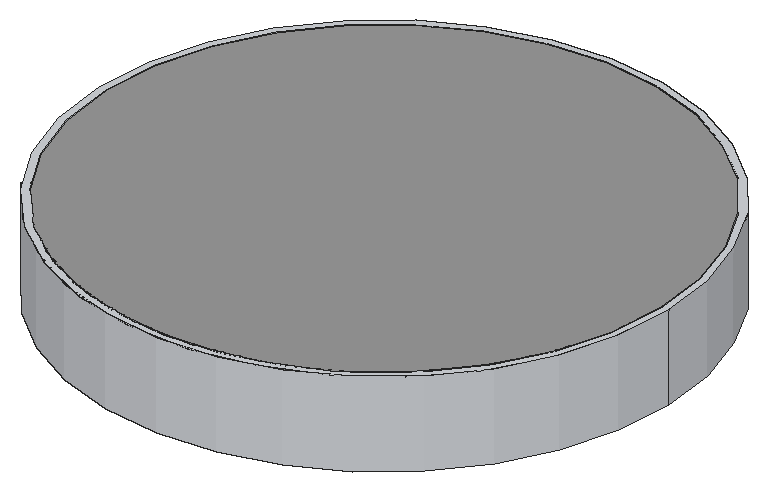
Revit family "2071140", category Lighting Fixtures, host Face, Revit 2018
Family settings
  Host = Face
  Round Connector Dimension = Use Diameter
  Part Type = Normal
  OmniClass Number = 23.80.70.00
  OmniClass Title = Lighting
  Cut with Voids When Loaded = No
  Light Source = Yes
  Shared = No
  Room Calculation Point = No
Parameters (values of type "2071140 COLOSSAL 400 830 PR DIR+H WHT SSC")
  iner diameter = 390 mm
  Weight = "n/a"
  Wattage Comments = ""
  Wattage = 30 W
  WarrantyStartDate [instance] = "n/a"
  WarrantyGuarantorParts = "n/a"
  WarrantyDurationUnit = "n/a"
  WarrantyDurationParts = ""
  WarrantyDescription = "http://www.sylvania-lighting.com"
  built-in parameter 1150110 = 1 (stored number, unit not read)
  Voltage = 230 V
  URL = "0.95"
  TypeName = "COLOSSAL 400mm 830 PRISM DIR+HAL WHITE SSC"
  Type Image = <None>
  Type Comments = "n/a"
  built-in parameter 1114217 = 1 (stored number, unit not read)
  Tilt Angle = -90.00°
  built-in parameter 1150109 = 1 (stored number, unit not read)
  built-in parameter 1150134 = (empty or 0)
  built-in parameter 1150113 = 1 (stored number, unit not read)
  SerialNumber [instance] = "n/a"
  Photometric Web File = "2071140.ies"
  Material_3_SYL = LED-Sylvania
  PowerFactor = 0
  PowerConsumption = "Lighting"
  NominalLength = 400 mm
  NominalHeight = 93 mm
  NominalDepth = 400 mm
  Name = "COLOSSAL 400mm 830 PRISM DIR+HAL WHITE SSC"
  ModelReference = Name  # "COLOSSAL 400mm 830 PRISM DIR+HAL WHITE SSC"
  ModelNumber = "2071140"
  Model = Name  # "COLOSSAL 400mm 830 PRISM DIR+HAL WHITE SSC"
  Material = "Feilo Sylvania"
  ManufacturerName = "121 lm/W"
  Manufacturer = ""
  LuminousEfficacy = ""
  built-in parameter 1150105 = 270.44 (stored number, unit not read)
  Lumens = 3398.4 lm
  LuminaireType = "0"
  built-in parameter 1150115 = 1 (stored number, unit not read)
  LightOutputRatio = "LED"
  built-in parameter 1150137 = (empty or 0)
  built-in parameter 1150139 = (empty or 0)
  LampsType = Lamp  # "n/a"
  LampNominalLuminous = "3000 K"
  LampMacAdamStep = "80"
  LampColourTemperature = "LED"
  LampColourRenderingIndex = "16500"
  built-in parameter 1150112 = 1 (stored number, unit not read)
  built-in parameter 1150114 = 1 (stored number, unit not read)
  Lamp = "n/a"
  Keynote = "n/a"
  InstallationDate [instance] = "n/a"
  InputVoltage = "0"
  InputNominalFrequency = "3000"
  built-in parameter 1150132 = (empty or 0)
  built-in parameter 1150102 = (empty or 0)
  built-in parameter 1150107 = 3000 (stored number, unit not read)
  built-in parameter 1150138 = (empty or 0)
  IngressProtection = "IfcLightFixtureType"
  ImpactProtectionIndex = "IfcLightFixtureType"
  built-in parameter 1150106 = 2.7044 (stored number, unit not read)
  IfcExportType = "IfcLightFixtureType"
  IfcExportAs = "Class I"
  Emit from Circle Diameter = 385 mm
  Emit Shape Visible in Rendering = no
  ElectricShockClassification = "121"
  built-in parameter 1150104 = 10.524 (stored number, unit not read)
  DocumentationLiterature = "http://www.sylvania-lighting.com/product/en-int/products/2071140"
  DimmingControlOptions = "n/a"
  Material_2_SYL = Polycarbonate_Sylvania_White
  Dimming Lamp Color Temperature Shift = <None>
  Description = "400mm diameter circular architectural luminaire, can be surface mounted or suspended. Powder coated aluminium housing (RAL9016) with PMMA prismatic diffuser. Direct/indirect (halo) light distribution, 1920lm luminuous flux, 15.9W system power, 121lm/W luminiaire efficacy. Sylsmart Standalone enabled. Colour rendering index Ra >80, 3000K Warm White LED, chromaticity tolerance of 3-step MacAdam ellipse. IP40, IK03. 350mA drive current. UGR≤19. Electrical protection Class1, 220-240V. Reported lifetime 66k hours L90B10."
  Default Elevation = 1219.2 mm
  CreatedOn = "22/03/2022"
  CreatedBy = "@sylvania-lighting.com"
  Cost = 0
  Color Filter = 16777215
  built-in parameter 1114216 [instance] = (empty or 0)
  ClassificationValue = "EF_70_80"
  ClassificationName = "Uniclass2015"
  Material_1_SYL = Polycarbonate_Sylvania_Opal
  BarCode [instance] = "n/a"
  built-in parameter 1114218 = 1 (stored number, unit not read)
  built-in parameter 1150133 = 10 (stored number, unit not read)
  AssetType = "Fixed"
  AssetIdentifier [instance] = "n/a"
  Assembly Code = "D5020200"
  Apparent Load = 15.9 VA
  Material_4_SYL = none
Reference planes
  plane 1 "Center (Front/Back)": y = 0
  plane 2: z = 0
  plane 3 "Center (Left/Right)": x = 0
  plane 4: x = -200
  plane 5: x = 200
  plane 6: y = 200
  plane 7: y = -200
  plane 8: y = 236
  plane 9: y = -236
  plane 10: z = 93
  plane 11: y = 195
  plane 12: y = -195
  plane 13: y = 90.5
  plane 14: y = 144.5
  plane 15: through (52.25, 90.5, 1219.2) normal (0.866, 0.5, 0)
  plane 16: through (52.25, 90.5, 1219.2) normal (0.866, 0.5, 0)
  plane 17: through (63.706, 126.657, 1219.2) normal (0.866, 0.5, 0)
  plane 18: through (-104.5, 0, 1219.2) normal (-0.866, 0.5, 0)
  plane 19: through (-142.394, -9.633, 1219.2) normal (-0.866, 0.5, 0)
  plane 20: y = -90.5
  plane 21: y = -118.5
  plane 22: through (85.371, -141.133, 1219.2) normal (-0.866, 0.5, 0)
  plane 23: through (52.25, -90.5, 1219.2) normal (-0.866, 0.5, 0)
  plane 24: through (-161.658, 0, 1219.2) normal (0.866, 0.5, 0)
  plane 25: through (-172.12, 9.121, 1219.2) normal (0.866, 0.5, 0)
  plane 26: through (-104.5, 0, 1219.2) normal (0.866, 0.5, 0)
Forms (mm)
  Extrusion 1, solid, detail levels medium+fine
    sketch origin (0, 0, 0) x (1, 0, 0) y (0, 1, 0)
      loop
        circle (0, 0) r 200
    from 33.023 to 93
  Extrusion 2, void
    sketch origin (0, 0, 0) x (1, 0, 0) y (0, 1, 0)
      loop
        circle (0, 0) r 195
    from 93 to 37.292
  Extrusion 3, solid, material "Glass, White, High Luminance", detail levels fine
    sketch origin (0, 0, 0) x (1, 0, 0) y (0, 1, 0)
      loop
        circle (0, 0) r 195
    from 88.026 to 93
  Extrusion 4, solid, detail levels coarse
    sketch origin (0, 0, 0) x (1, 0, 0) y (0, 1, 0)
      loop
        line (-200, 200) -> (-200, -200) -> (200, -200) -> (200, 200) -> (-200, 200)
    from 0 to 93
  Blend 5, solid, detail levels medium+fine
    base sketch origin (0, 0, 0) x (1, 0, 0) y (0, 1, 0)
      loop
        line (-52.25, 90.5) -> (-104.5, 0) -> (-52.25, -90.5) -> (52.25, -90.5) -> (104.5, 0) -> (52.25, 90.5) -> (-52.25, 90.5)
    top sketch origin (0, 0, 0) x (1, 0, 0) y (0, 1, 0)
      loop
        line (-53.405, 144.5) -> (-149.245, -21.5) -> (-93.242, -118.5) -> (98.438, -118.5) -> (151.843, -26) -> (53.405, 144.5) -> (-53.405, 144.5)
    from 0 to 33.023
Cuts and joins
  Extrusion 2 cuts Extrusion 1
Dimensions and locks
  "NominalDepth": plane 6 to plane 7
  "NominalLength": plane 4 to plane 5
  equal spacing: plane 4, plane 3 "Center (Left/Right)", plane 5
  "iner diameter": plane 11 to plane 12
  equal spacing: plane 11, plane 1 "Center (Front/Back)", plane 12
  equal spacing: plane 6, plane 1 "Center (Front/Back)", plane 7
  "NominalHeight": plane 10 to level
  plane 19 to plane 18 = 28 mm
  radius of Extrusion 2 sketch curve = 195 mm
  aligned and locked: plane 2 to host face
  aligned and locked: level to host face
Automatic sketch dimensions
  host sketch curve to host sketch curve = 2438.4 mm  (x2)
  plane 1 "Center (Front/Back)" to Extrusion 1 sketch curve = 0 mm
  Extrusion 1 sketch curve to plane 3 "Center (Left/Right)" = 0 mm
  plane 1 "Center (Front/Back)" to Extrusion 2 sketch curve = 0 mm
  Extrusion 2 sketch curve to plane 3 "Center (Left/Right)" = 0 mm
  plane 1 "Center (Front/Back)" to Extrusion 3 sketch curve = 0 mm
  Extrusion 3 sketch curve to plane 3 "Center (Left/Right)" = 0 mm
  Extrusion 4 sketch curve to plane 4 = 0 mm
  Extrusion 4 sketch curve to plane 5 = 0 mm
  Extrusion 4 sketch curve to plane 7 = 0 mm
  Extrusion 4 sketch curve to plane 6 = 0 mm
  Blend 5 sketch curve to plane 19 = 0 mm  (x2)
  Blend 5 sketch curve to plane 24 = 0 mm  (x2)
  Blend 5 sketch curve to plane 21 = 0 mm
  Blend 5 sketch curve to plane 14 = 0 mm
  Blend 5 sketch curve to plane 17 = 0 mm  (x2)
  Blend 5 sketch curve to plane 22 = 0 mm  (x2)
  radius of Extrusion 1 sketch curve = 200 mm
  radius of Extrusion 3 sketch curve = 195 mm
Connectors
  electrical at (0, 0, 0), driven by "Apparent Load", driven by "PowerFactor", driven by "Voltage"
    settings: index 1, voltage 230 V, apparent load 15.9 VA, apparent load phase1 0 VA, apparent load phase2 0 VA, apparent load phase3 0 VA, power factor 0, load classification "Lighting", number of poles 1, system type 30, power factor state 1, is connector primary yes, connector utility no, sub classification motor no, connector description ""
